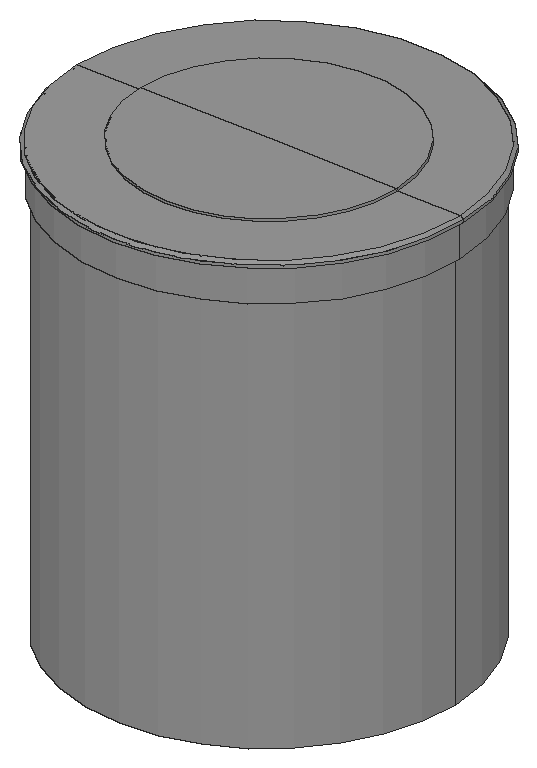
Revit family "Interrata - Copy - Copy (2)", category Lighting Fixtures, host Face, Revit 2017
Family settings
  Host = Face
  Round Connector Dimension = Use Diameter
  Part Type = Normal
  OmniClass Number = 23.80.70.00
  OmniClass Title = Lighting
  Cut with Voids When Loaded = No
  Light Source = No
  Shared = No
  Room Calculation Point = No
Parameters (values of type "0049043")
  XS_SYL = no
  Weight = ""
  Wattage Comments = ""
  WarrantyStartDate [instance] = "n/a"
  WarrantyGuarantorParts = "n/a"
  WarrantyDurationUnit = "n/a"
  WarrantyDurationParts = "n/a"
  WarrantyDescription = "n/a"
  Voltage = 0 V
  URL = "http://www.sylvania-lighting.com"
  TypeName = ""
  TypeLamp_SYL = Interrata Lamp : 0049043 INTERRATA ADJUSTABLE M  CL 1000LM 840 MB
  Type Image = <None>
  Type Comments = "n/a"
  Thickness_SYL = 2.5 mm  # constant formula
  Step2_SYL = if(XS_SYL, 99.8 mm, if(S_SYL, 121 mm, if(L_SYL, 236 mm, 206 mm)))  # 206 mm
  Step1_SYL = if(XS_SYL, 26.2 mm, if(S_SYL, 15 mm, if(L_SYL, 19.5 mm, 17.5 mm)))  # 17.5 mm
  SerialNumber [instance] = "n/a"
  S_SYL = no
  RotationAngle_SYL [instance] = 0.00°
  RingHeight_SYL = if(XS_SYL, 3 mm, if(S_SYL, 3 mm, if(L_SYL, 4 mm, 2.8 mm)))  # 2.8 mm
  RevolutionAxisFromRefLevel_SYL = if(XS_SYL, 27 mm, if(S_SYL, 45 mm, if(L_SYL, 74 mm, 59.5 mm)))  # 59.5 mm
  Radius_SYL = if(XS_SYL, 50 mm, if(S_SYL, 60 mm, if(L_SYL, 130 mm, 100 mm)))  # 100 mm
  Radius3_SYL = if(XS_SYL, 31.5 mm, if(S_SYL, 41.7 mm, if(L_SYL, 112 mm, 96 mm)))  # 96 mm
  Radius2_SYL = if(XS_SYL, 33.5 mm, if(S_SYL, 53 mm, if(L_SYL, 124 mm, 98 mm)))  # 98 mm
  Material_3_SYL = none
  PowerFactor = 0
  PowerConsumption = ""
  NominalLength = 0 mm
  NominalHeight = 0 mm
  NominalDepth = 0 mm
  Name = ""
  ModelReference = Name  # ""
  ModelNumber = ""
  Model = Name  # ""
  Material = ""
  ManufacturerName = "Feilo Sylvania"
  Manufacturer = "Feilo Sylvania"
  L_SYL = no
  LuminousEfficacy = ""
  LuminaireType = ""
  LightOutputRatio = ""
  LampsType = Lamp  # ""
  EndAngle_SYL [instance] = RotationAngle_SYL + 180.00°  # 180.00°
  BodyThickness_SYL = 3 mm  # constant formula
  BodyHeight3_SYL = if(XS_SYL, 80 mm, if(S_SYL, 45 mm, if(L_SYL, 21 mm, 29.4 mm)))  # 29.4 mm
  BodyRad_SYL = if(XS_SYL, 30 mm, if(S_SYL, 50 mm, if(L_SYL, 120 mm, 95 mm)))  # 95 mm
  LampNominalLuminous = ""
  LampMacAdamStep = ""
  BodyRad2_SYL = if(XS_SYL, 16.5 mm, if(S_SYL, 35.5 mm, if(L_SYL, 82.5 mm, 54.5 mm)))  # 54.5 mm
  BodyRad1_SYL = if(XS_SYL, 23.6 mm, if(S_SYL, 35.5 mm, if(L_SYL, 99.4 mm, 68.5 mm)))  # 68.5 mm
  BodyHeight4_SYL = if(XS_SYL, 5.5 mm, if(S_SYL, 45 mm, if(L_SYL, 82.2 mm, 66.6 mm)))  # 66.6 mm
  BodyHeight2_SYL = if(XS_SYL, 4.5 mm, if(S_SYL, 5.5 mm, if(L_SYL, 34 mm, 19.5 mm)))  # 19.5 mm
  BodyHeight1_SYL = if(XS_SYL, 4.5 mm, if(S_SYL, 4 mm, if(L_SYL, 14 mm, 9.5 mm)))  # 9.5 mm
  LampColourTemperature = ""
  LampColourRenderingIndex = ""
  Lamp = ""
  Keynote = "16500"
  InstallationDate [instance] = "n/a"
  InputVoltage = ""
  InputNominalFrequency = ""
  IngressProtection = ""
  ImpactProtectionIndex = ""
  IfcExportType = "IfcLightFixtureType"
  IfcExportAs = "IfcLightFixtureType"
  ElectricShockClassification = ""
  DocumentationLiterature = ""
  DimmingControlOptions = ""
  Material_2_SYL = Polycarbonate, Clear
  DiffuserRad_SYL = if(XS_SYL, 21 mm, if(S_SYL, 33 mm, if(L_SYL, 94 mm, 66 mm)))  # 66 mm
  Description = ""
  Default Elevation = 100 mm
  CreatedOn = ""
  CreatedBy = ""
  Cost = 0
  built-in parameter 1114216 [instance] = (empty or 0)
  ClassificationValue = "EF_70_80"
  ClassificationName = "Uniclass2015"
  Material_1_SYL = Stainless Steel
  Chamfer_SYL = 1.5 mm  # constant formula
  BarCode [instance] = "n/a"
  AssetType = ""
  AssetIdentifier [instance] = "n/a"
  Assembly Code = "D5020200"
  Apparent Load = 0 VA
  Material_4_SYL = none
Types (10, lengths in mm): name | XS_SYL | TypeLamp_SYL | Step2_SYL | Step1_SYL | S_SYL | RingHeight_SYL | RevolutionAxisFromRefLevel_SYL | Radius_SYL | Radius3_SYL | Radius2_SYL | L_SYL | BodyHeight3_SYL | BodyRad_SYL | BodyRad2_SYL | BodyRad1_SYL | BodyHeight4_SYL | BodyHeight2_SYL | BodyHeight1_SYL | DiffuserRad_SYL
  0049036 | yes | Interrata Lamp : 0049036 INTERRATA XS  FROSTED 100LM 830  | 99.8 | 26.2 | no | 3 | 27 | 50 | 31.5 | 33.5 | no | 80 | 30 | 16.5 | 23.6 | 5.5 | 4.5 | 4.5 | 21
  0049042 | no | Interrata Lamp : 0049042 INTERRATA ADJUSTABLE M  CL 1000LM 830 MB | 206 | 17.5 | no | 2.8 | 59.5 | 100 | 96 | 98 | no | 29.4 | 95 | 54.5 | 68.5 | 66.6 | 19.5 | 9.5 | 66
  0049043 | no | Interrata Lamp : 0049043 INTERRATA ADJUSTABLE M  CL 1000LM 840 MB | 206 | 17.5 | no | 2.8 | 59.5 | 100 | 96 | 98 | no | 29.4 | 95 | 54.5 | 68.5 | 66.6 | 19.5 | 9.5 | 66
  0049044 | no | Interrata Lamp : 0049044 INTERRATA ADJUSTABLE L  CL 2000LM 830 MB | 236 | 19.5 | no | 4 | 74 | 130 | 112 | 124 | yes | 21 | 120 | 82.5 | 99.4 | 82.2 | 34 | 14 | 94
  0049037 | yes | Interrata Lamp : 0049037 INTERRATA XS  FROSTED 100LM 840  | 99.8 | 26.2 | no | 3 | 27 | 50 | 31.5 | 33.5 | no | 80 | 30 | 16.5 | 23.6 | 5.5 | 4.5 | 4.5 | 21
  0049039 | yes | Interrata Lamp : 0049039 INTERRATA XS  CLEAR 100LM 840 NB | 99.8 | 26.2 | no | 3 | 27 | 50 | 31.5 | 33.5 | no | 80 | 30 | 16.5 | 23.6 | 5.5 | 4.5 | 4.5 | 21
  0049038 | yes | Interrata Lamp : 0049038 INTERRATA XS  CLEAR 100LM 830 NB | 99.8 | 26.2 | no | 3 | 27 | 50 | 31.5 | 33.5 | no | 80 | 30 | 16.5 | 23.6 | 5.5 | 4.5 | 4.5 | 21
  0049040 | no | Interrata Lamp : 0049040 INTERRATA ADJUSTABLE S  CL 400LM 830 MB | 121 | 15 | yes | 3 | 45 | 60 | 41.7 | 53 | no | 45 | 50 | 35.5 | 35.5 | 45 | 5.5 | 4 | 33
  0049041 | no | Interrata Lamp : 0049041 INTERRATA ADJUSTABLE S  CL 400LM 840 MB | 121 | 15 | yes | 3 | 45 | 60 | 41.7 | 53 | no | 45 | 50 | 35.5 | 35.5 | 45 | 5.5 | 4 | 33
  0049045 | no | Interrata Lamp : 0049045 INTERRATA ADJUSTABLE L  CL 2000LM 840 MB | 236 | 19.5 | no | 4 | 74 | 130 | 112 | 124 | yes | 21 | 120 | 82.5 | 99.4 | 82.2 | 34 | 14 | 94
Reference planes
  plane 1 "Center (Front/Back)": y = 0
  plane 2: z = 1.3
  plane 3 "Center (Left/Right)": x = 0
  plane 4: z = 2.8
  plane 5: x = -66
  plane 6: x = -98.5
  plane 7: x = -100
  plane 8: x = -98
  plane 9: z = 3.8
  plane 10: z = -17.5
  plane 11: z = -223.5
  plane 12: x = -96
  plane 13: x = -95
  plane 14: z = -9.5
  plane 15: z = -29
  plane 16: x = -95.5
  plane 17: z = -15
  plane 18: x = -93.5
  plane 19: z = -58.4
  plane 20: z = -125
  plane 21: x = -68.5
  plane 22: x = -54.5
  plane 23: x = -92
  plane 24: x = -65.5
  plane 25: x = -51.5
  plane 26: z = -122
  plane 27: z = -6.5
  plane 28: z = -59.5
Forms (mm)
  Revolve 1, solid, material "Stainless Steel" <- "Material_1_SYL"
    sketch origin (0, 0, 0) x (1, 0, 0) y (0, 0, 1)
      loop
        line (-66, 2.8) -> (-98.5, 2.8) -> (-100, 1.3) -> (-100, 0) -> (-98, 0) -> (-98, -17.5) -> (-96, -17.5) -> (-96, -223.5) -> (-93.5, -223.5) -> (-93.5, -15) -> (-95.5, -15) -> (-95.5, 0) -> (-66, 0) -> (-66, 2.8)
      axis (0, 2.8) -> (0, -223.5)
    angle from 360 to 0
  Revolve 2, void
    sketch origin (0, 0, 0) x (1, 0, 0) y (0, 0, 1)
      loop
        line (-98, 0) -> (-98, -223.5) -> (0, -223.5) -> (0, 0) -> (-98, 0)
      axis (0, 0) -> (0, -223.5)
    angle from 360 to 0
  Revolve 3, solid, material "Polycarbonate, Clear" <- "Material_2_SYL", detail levels medium+fine
    sketch origin (0, 0, 0) x (1, 0, 0) y (0, 0, 1)
      loop
        line (0, 3.8) -> (-66, 3.8) -> (-66, 1.3) -> (0, 1.3) -> (0, 3.8)
      axis (0, 3.8) -> (0, 1.3)
    angle from 360 to 0
  Revolve 4, solid, detail levels medium+fine
    sketch origin (0, 0, 0) x (1, 0, 0) y (0, 0, 1)
      loop
        line (-92, 0) -> (-95, 0) -> (-95, -9.5) -> (-68.5, -9.5) -> (-68.5, -29) -> (-54.5, -58.4) -> (-54.5, -125) -> (0, -125) -> (0, -122) -> (-51.5, -122) -> (-51.5, -57.722) -> (-65.5, -28.322) -> (-65.5, -6.5) -> (-92, -6.5) -> (-92, 0)
      axis (0, 0) -> (0, -125)
    angle from 360 to 0
  Revolve 5, solid
    sketch origin (-1524.19, -4572, -59.5) x (-1, 0, 0) y (0, -1, 0)
      loop
        line (-1524.19, -4572) -> (-1524.19, -4582) -> (-1514.19, -4582) -> (-1514.19, -4572) -> (-1524.19, -4572)
      axis (-1524.19, -4582) -> (-1524.19, -4572)
    angle from 0 <- "RotationAngle_SYL" to 180 <- "EndAngle_SYL"
Dimensions and locks
  "DiffuserRad_SYL": plane 3 "Center (Left/Right)" to plane 5
  "Radius_SYL": plane 3 "Center (Left/Right)" to plane 7
  "Chamfer_SYL": plane 6 to plane 7
  "Radius2_SYL": plane 3 "Center (Left/Right)" to plane 8
  locked: plane 9 to plane 4 at 1
  "RingHeight_SYL": plane 4 to level
  "Chamfer_SYL": plane 4 to plane 2
  "Step1_SYL": level to plane 10
  "Step2_SYL": plane 10 to plane 11
  "Radius3_SYL": plane 3 "Center (Left/Right)" to plane 12
  "BodyRad_SYL": plane 3 "Center (Left/Right)" to plane 13
  "BodyHeight1_SYL": level to plane 14
  "BodyHeight2_SYL": plane 14 to plane 15
  "Thickness_SYL": plane 16 to plane 8
  "Thickness_SYL": plane 17 to plane 10
  "Thickness_SYL": plane 18 to plane 12
  "BodyHeight3_SYL": plane 15 to plane 19
  "BodyHeight4_SYL": plane 19 to plane 20
  "BodyRad1_SYL": plane 3 "Center (Left/Right)" to plane 21
  "BodyRad2_SYL": plane 3 "Center (Left/Right)" to plane 22
  "BodyThickness_SYL": plane 26 to plane 20
  "BodyThickness_SYL": plane 25 to plane 22
  "BodyThickness_SYL": plane 24 to plane 21
  "BodyThickness_SYL": plane 23 to plane 13
  "BodyThickness_SYL": plane 27 to plane 14
  "RevolutionAxisFromRefLevel_SYL": level to plane 28
  aligned and locked: level to host face
  aligned and locked: Revolve 1 sketch curve to plane 4
  aligned and locked: plane 7 to Revolve 1 sketch curve
  aligned and locked: Revolve 1 sketch curve to level
  aligned and locked: plane 10 to Revolve 1 sketch curve
  aligned and locked: Revolve 1 sketch curve to plane 12
  aligned and locked: plane 5 to Revolve 1 sketch curve
  aligned and locked: Revolve 1 sketch curve to plane 3 "Center (Left/Right)"
  aligned and locked: Revolve 1 sketch curve to plane 11
  aligned and locked: Revolve 2 sketch curve to plane 3 "Center (Left/Right)"  (x2)
  aligned and locked: Revolve 3 sketch curve to plane 9
  aligned and locked: Revolve 3 sketch curve to plane 5
  aligned and locked: Revolve 3 sketch curve to plane 2
  aligned and locked: plane 3 "Center (Left/Right)" to Revolve 3 sketch curve
  aligned and locked: Revolve 3 sketch curve to plane 3 "Center (Left/Right)"
  aligned and locked: Revolve 1 sketch curve to plane 18
  aligned and locked: plane 17 to Revolve 1 sketch curve
  aligned and locked: Revolve 4 sketch curve to plane 3 "Center (Left/Right)"  (x2)
  aligned and locked: Revolve 4 sketch curve to plane 26
  aligned and locked: Revolve 4 sketch curve to plane 20
  aligned and locked: Revolve 4 sketch curve to plane 22
  aligned and locked: Revolve 4 sketch curve to plane 25
  aligned and locked: plane 15 to Revolve 4 sketch curve
  aligned and locked: plane 21 to Revolve 4 sketch curve
  aligned and locked: Revolve 1 sketch curve to plane 8
  aligned and locked: Revolve 1 sketch curve to plane 16
  aligned and locked: plane 8 to Revolve 2 sketch curve
  aligned and locked: Revolve 2 sketch curve to level
  aligned and locked: Revolve 2 sketch curve to plane 11
  aligned and locked: Revolve 5 sketch curve to plane 1 "Center (Front/Back)"
  aligned and locked: Revolve 5 sketch curve to plane 3 "Center (Left/Right)"  (x2)
Automatic sketch dimensions
  host sketch curve to host sketch curve = 632.037 mm  (x2)
  plane 11 to Revolve 3 sketch curve = 386.1 mm
  Revolve 3 sketch curve to Revolve 3 sketch curve = 2605.258 mm
  Revolve 4 sketch curve to level = 0 mm
  Revolve 4 sketch curve to plane 13 = 0 mm
  Revolve 4 sketch curve to plane 23 = 0 mm
  Revolve 4 sketch curve to plane 14 = 0 mm
  Revolve 4 sketch curve to plane 24 = 0 mm
  Revolve 4 sketch curve to plane 19 = 0 mm
  Revolve 4 sketch curve to plane 27 = 0 mm
  plane 19 to Revolve 4 sketch curve = 0.678 mm
  plane 15 to Revolve 4 sketch curve = 0.678 mm
  plane 11 to Revolve 4 sketch curve = 386.1 mm
  Revolve 4 sketch curve to plane 9 = 2605.258 mm
  Revolve 1 sketch curve to plane 6 = 0 mm
  Revolve 1 sketch curve to level = 0 mm
  Revolve 1 sketch curve to plane 2 = 0 mm
  plane 11 to Revolve 1 sketch curve = 386.1 mm
  Revolve 1 sketch curve to plane 9 = 2605.258 mm
  plane 11 to Revolve 2 sketch curve = 386.1 mm
  Revolve 2 sketch curve to plane 9 = 2605.258 mm
  Revolve 5 sketch curve to plane 3 "Center (Left/Right)" = 10 mm
  Revolve 5 sketch curve to plane 1 "Center (Front/Back)" = 10 mm
  Revolve 5 sketch curve to Revolve 5 sketch curve = 1514 mm
  Revolve 5 sketch curve to Revolve 5 sketch curve = 1524 mm
Nested families
  nested 1: "Interrata Lamp" at (0, 0, -59.5) x (0, -1, 0) z (0, 0, 1), type <- "TypeLamp_SYL", type "0049043 INTERRATA ADJUSTABLE M  CL 1000LM 840 MB"
    with built-in parameter 1114216 (empty or 0)
Connectors
  electrical at (0, 0, -223.5), driven by "Voltage", driven by "Apparent Load", driven by "PowerFactor"
    settings: on Revolve 1, index 1, voltage 0 V, apparent load 0 VA, apparent load phase1 0 VA, apparent load phase2 0 VA, apparent load phase3 0 VA, power factor 0, load classification "Other", number of poles 1, system type 30, power factor state 1, is connector primary yes, connector utility no, sub classification motor no, connector description ""
Definition of nested family "Interrata Lamp"
  Parameters (values of type "0049038 INTERRATA XS  CLEAR 100LM 830 NB")
    XS_SYL = yes
    Wattage Comments = "n/a"
    Wattage = 0 W
    built-in parameter 1150110 = 1 (stored number, unit not read)
    URL = "http://www.sylvania-lighting.com"
    Type Image = (empty or 0)
    Type Comments = "n/a"
    built-in parameter 1114217 = 1 (stored number, unit not read)
    Tilt Angle = -90.00°
    built-in parameter 1150109 = 1 (stored number, unit not read)
    built-in parameter 1150134 = (empty or 0)
    built-in parameter 1150113 = 1 (stored number, unit not read)
    S_SYL = no
    Rad_SYL = if(XS_SYL, 27.5 mm, if(S_SYL, 17 mm, if(L_SYL, 36 mm, 41 mm)))  # 27.5 mm
    Rad4_SYL = if(XS_SYL, 11 mm, if(S_SYL, 20 mm, if(L_SYL, 55 mm, 40 mm)))  # 11 mm
    Rad3_SYL = if(XS_SYL, 12.5 mm, if(S_SYL, 24 mm, if(L_SYL, 57 mm, 41 mm)))  # 12.5 mm
    Rad2_SYL = if(XS_SYL, 20.2 mm, if(S_SYL, 29 mm, if(L_SYL, 75 mm, 51.5 mm)))  # 20.2 mm
    Photometric Web File = ""
    built-in parameter 1150142 = (empty or 0)
    Material_3_SYL = none
    Model = "INTERRATA XS IP67 CLEAR 100LM 830 NB"
    Manufacturer = "Feilo Sylvania"
    built-in parameter 1150105 = (empty or 0)
    Lumens = 0 lm
    built-in parameter 1150115 = 1 (stored number, unit not read)
    built-in parameter 1150137 = (empty or 0)
    built-in parameter 1150139 = (empty or 0)
    built-in parameter 1150112 = 1 (stored number, unit not read)
    built-in parameter 1150114 = 1 (stored number, unit not read)
    Lamp = "LED"
    L_SYL = no
    Keynote = "16500"
    Material_2_SYL = none
    built-in parameter 1150132 = (empty or 0)
    built-in parameter 1150102 = (empty or 0)
    built-in parameter 1150107 = (empty or 0)
    built-in parameter 1150138 = (empty or 0)
    built-in parameter 1150106 = 1.0982 (stored number, unit not read)
    Height4_SYL = if(XS_SYL, 9.1 mm, if(S_SYL, 10 mm, if(L_SYL, 22 mm, 10.5 mm)))  # 9.1 mm
    Height3_SYL = if(XS_SYL, 4 mm, if(S_SYL, 8 mm, if(L_SYL, 8.7 mm, 6.7 mm)))  # 4 mm
    Height2_SYL = if(XS_SYL, 7.4 mm, if(S_SYL, 2 mm, if(L_SYL, 2 mm, 2 mm)))  # 7.4 mm
    Height1_SYL = if(XS_SYL, 6.5 mm, if(S_SYL, 8.3 mm, if(L_SYL, 19.5 mm, 18.3 mm)))  # 6.5 mm
    Emit from Circle Diameter = Rad_SYL * 2  # 55 mm
    Emit Shape Visible in Rendering = no
    built-in parameter 1150104 = (empty or 0)
    Dimming Lamp Color Temperature Shift = (empty or 0)
    Description = ""
    Default Elevation = 1219.2 mm
    Cost = 0
    Color Filter = 16777215
    built-in parameter 1114216 [instance] = (empty or 0)
    Material_1_SYL = none
    BottomFromRefLevel = if(XS_SYL, 0.1 mm, if(S_SYL, 4 mm, if(L_SYL, 7 mm, 0.1 mm)))  # 0.1 mm
    built-in parameter 1114218 = 1 (stored number, unit not read)
    built-in parameter 1150133 = 10 (stored number, unit not read)
    Assembly Code = "D5020200"
    Apparent Load = 0 VA
    Material_4_SYL = none
  Types (16, lengths in mm): name | XS_SYL | S_SYL | Rad_SYL | Rad4_SYL | Rad3_SYL | Rad2_SYL | Model | L_SYL | Height4_SYL | Height3_SYL | Height2_SYL | Height1_SYL | Emit from Circle Diameter | BottomFromRefLevel
    0049051 INTERRATA ADJUSTABLE L HONEYCOMB | no | no | 36 | 55 | 57 | 75 | "INTERRATA ADJUSTABLE L HONEYCOMB" | yes | 22 | 8.7 | 2 | 19.5 | 72 | 7
    0049050 INTERRATA ADJUSTABLE M HONEYCOMB | no | no | 41 | 40 | 41 | 51.5 | "INTERRATA ADJUSTABLE M HONEYCOMB" | no | 10.5 | 6.7 | 2 | 18.3 | 82 | 0.1
    0049049 INTERRATA ADJUSTABLE S HONEYCOMB | no | yes | 17 | 20 | 24 | 29 | "INTERRATA ADJUSTABLE S HONEYCOMB" | no | 10 | 8 | 2 | 8.3 | 34 | 4
    0049048 INTERRATA ADJUSTABLE L  FROSTED GLASS | no | no | 36 | 55 | 57 | 75 | "INTERRATA ADJUSTABLE L  FROSTED GLASS" | yes | 22 | 8.7 | 2 | 19.5 | 72 | 7
    0049047 INTERRATA ADJUSTABLE M FROSTED GLASS | no | no | 41 | 40 | 41 | 51.5 | "INTERRATA ADJUSTABLE M FROSTED GLASS" | no | 10.5 | 6.7 | 2 | 18.3 | 82 | 0.1
    0049046 INTERRATA ADJUSTABLE S FROSTED GLASS | no | yes | 17 | 20 | 24 | 29 | "INTERRATA ADJUSTABLE S FROSTED GLASS" | no | 10 | 8 | 2 | 8.3 | 34 | 4
    0049045 INTERRATA ADJUSTABLE L  CL 2000LM 840 MB | no | no | 36 | 55 | 57 | 75 | "INTERRATA ADJUSTABLE L IP67 CLEAR 2000LM 840 MB" | yes | 22 | 8.7 | 2 | 19.5 | 72 | 7
    0049044 INTERRATA ADJUSTABLE L  CL 2000LM 830 MB | no | no | 36 | 55 | 57 | 75 | "INTERRATA ADJUSTABLE L IP67 CLEAR 2000LM 830 MB" | yes | 22 | 8.7 | 2 | 19.5 | 72 | 7
    0049043 INTERRATA ADJUSTABLE M  CL 1000LM 840 MB | no | no | 41 | 40 | 41 | 51.5 | "INTERRATA ADJUSTABLE M IP67 CLEAR 1000LM 840 MB" | no | 10.5 | 6.7 | 2 | 18.3 | 82 | 0.1
    0049042 INTERRATA ADJUSTABLE M  CL 1000LM 830 MB | no | no | 41 | 40 | 41 | 51.5 | "INTERRATA ADJUSTABLE M IP67 CLEAR 1000LM 830 MB" | no | 10.5 | 6.7 | 2 | 18.3 | 82 | 0.1
    0049041 INTERRATA ADJUSTABLE S  CL 400LM 840 MB | no | yes | 17 | 20 | 24 | 29 | "INTERRATA ADJUSTABLE S IP67 CLEAR 400LM 840 MB" | no | 10 | 8 | 2 | 8.3 | 34 | 4
    0049040 INTERRATA ADJUSTABLE S  CL 400LM 830 MB | no | yes | 17 | 20 | 24 | 29 | "INTERRATA ADJUSTABLE S IP67 CLEAR 400LM 830 MB" | no | 10 | 8 | 2 | 8.3 | 34 | 4
    0049039 INTERRATA XS  CLEAR 100LM 840 NB | yes | no | 27.5 | 11 | 12.5 | 20.2 | "INTERRATA XS IP67 CLEAR 100LM 840 NB" | no | 9.1 | 4 | 7.4 | 6.5 | 55 | 0.1
    0049038 INTERRATA XS  CLEAR 100LM 830 NB | yes | no | 27.5 | 11 | 12.5 | 20.2 | "INTERRATA XS IP67 CLEAR 100LM 830 NB" | no | 9.1 | 4 | 7.4 | 6.5 | 55 | 0.1
    0049037 INTERRATA XS  FROSTED 100LM 840 | yes | no | 27.5 | 11 | 12.5 | 20.2 | "INTERRATA XS IP67 FROSTED 100LM 840" | no | 9.1 | 4 | 7.4 | 6.5 | 55 | 0.1
    0049036 INTERRATA XS  FROSTED 100LM 830 | yes | no | 27.5 | 11 | 12.5 | 20.2 | "INTERRATA XS IP67 FROSTED 100LM 830" | no | 9.1 | 4 | 7.4 | 6.5 | 55 | 0.1
  Reference planes
    plane 1 "Center (Front/Back)": y = 0
    plane 2: z = 0
    plane 3 "Center (Left/Right)": x = 0
    plane 4: z = -0.1
    plane 5: z = 9
    plane 6: z = 13
    plane 7: z = 20.4
    plane 8: z = 26.9
    plane 9: x = -11
    plane 10: x = -12.5
    plane 11: x = -20.2
    plane 12: x = -27.5
  Forms (mm)
    Extrusion 1, solid
      sketch origin (4.2, 0, 0) x (1, 0, 0) y (0, 1, 0)
        loop
          line (-43.406, 38.688) -> (-43.406, -41.283) -> (36.565, -41.283) -> (36.565, 38.688) -> (-43.406, 38.688)
      from 0 to -68.017
    Revolve 2, solid, material <- "Material_1_SYL"
      sketch origin (0, 0, 0) x (1, 0, 0) y (0, 0, 1)
        loop
          line (0, 26.9) -> (-27.5, 26.9) -> (-27.5, 20.4) -> (-20.2, 20.4) -> (-20.2, 13) -> (-12.5, 13) -> (-12.5, 9) -> (-11, 9) -> (-11, -0.1) -> (0, -0.1) -> (0, 26.9)
        axis (0, 26.9) -> (0, -0.1)
      angle from 360 to 0
  Dimensions and locks
    "BottomFromRefLevel": level to plane 4
    "Height4_SYL": plane 5 to plane 4
    "Height3_SYL": plane 6 to plane 5
    "Height2_SYL": plane 7 to plane 6
    "Height1_SYL": plane 8 to plane 7
    "Rad4_SYL": plane 3 "Center (Left/Right)" to plane 9
    "Rad3_SYL": plane 3 "Center (Left/Right)" to plane 10
    "Rad2_SYL": plane 3 "Center (Left/Right)" to plane 11
    "Rad_SYL": plane 3 "Center (Left/Right)" to plane 12
    aligned and locked: plane 2 to Extrusion 1
    aligned and locked: level to Extrusion 1
    aligned and locked: Revolve 2 sketch curve to plane 3 "Center (Left/Right)"
    aligned and locked: plane 8 to Revolve 2 sketch curve
    aligned and locked: Revolve 2 sketch curve to plane 12
    aligned and locked: Revolve 2 sketch curve to plane 7
    aligned and locked: Revolve 2 sketch curve to plane 11
    aligned and locked: Revolve 2 sketch curve to plane 6
    aligned and locked: Revolve 2 sketch curve to plane 10
    aligned and locked: Revolve 2 sketch curve to plane 9
    aligned and locked: Revolve 2 sketch curve to plane 5
    aligned and locked: Revolve 2 sketch curve to plane 4
    aligned and locked: plane 3 "Center (Left/Right)" to Revolve 2 sketch curve
    aligned and locked: plane 8 to imposter light
    aligned and locked: plane 3 "Center (Left/Right)" to imposter light
  Automatic sketch dimensions
    Revolve 2 sketch curve to level = 609.6 mm
    Revolve 2 sketch curve to Revolve 2 sketch curve = 2572.058 mm
    Extrusion 1 sketch curve to Extrusion 1 sketch curve = 79.971 mm  (x2)
